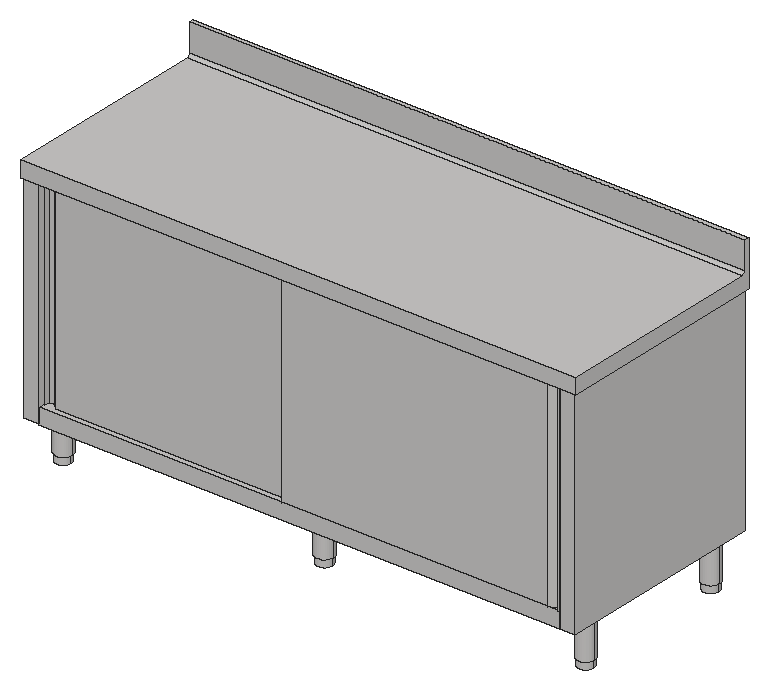
Revit family "QF_ELECTROLUXPROFESSIONAL_132780_MTN1810PN", category Attrezzature speciali, Revit 2020
Family settings
  Quota connettore circolare = Usa diametro
  Tipo di parte = Normale
  Basato su piano di lavoro = No
  Sempre verticale = Sì
  Taglio con vuoti quando caricato = No
  Condiviso = No
  Punto di calcolo locali = No
Parameters (values of type "Standard")
  Weight = 70.00 kg
  Watts = 0 W
  Volts = 0 V
  URL Manufacturer = "https://www.electroluxprofessional.com/"
  URL = "https://www.electroluxprofessional.com/"
  Steam Supply Size = 0 mm
  Steam Supply Minimum Pressure = 0.0 Pa
  Steam Supply Maximum Pressure = 0.0 Pa
  Steam Consumption per Hour = 0
  Refrigeration Suction Line Size = 0.0 mm
  Refrigeration Liquid Line Size = 0.0 mm
  Refrigerant Compressor Remote = yes
  Prospetto di default = 0.0 mm
  Produttore = "Electrolux Professional"
  Phase = 0
  Modello = "MTN1810PN"
  Length Actual = 1800.0 mm  # constant formula
  Item Number = "132780"
  Hot Water Size = 0 mm
  Height Actual = 1000.0 mm  # constant formula
  HP = "0 HP"
  Gas Size = 0 mm
  Gas KW = 0
  Gas Input Pressure = 0 W
  Direct Waste Size = 0 mm
  Descrizione = "WORKTOP CUPB+UPST+SHELF+SLIDING D.1800MM"
  Depth Actual = 700.0 mm  # constant formula
  Cycle = 0 Hz
  Condensate Return Size = 0 mm
  Compressed Air Volume = 0.0 L/s
  Compressed Air Size = 0 mm
  Compressed Air Pressure = 0.0 Pa
  Cold Water Size = 0 mm
  Accessory = yes
Reference planes
  plane 1 "Center (Front/Back)": y = 0
  plane 2: z = 0
  plane 3 "Center (Left/Right)": x = -400
  plane 4 "LEFT": x = -1300
  plane 5 "RIGHT": x = 500
  plane 6 "BACK": y = 350
  plane 7 "FRONT": y = -350
  plane 8 "Base": z = 850
  plane 9 "TOP": z = 900
  plane 10: x = -1246.9
  plane 11: x = 446.9
  plane 12: y = 264.5
  plane 13: y = -241.9
  plane 14 "BodyLeft": x = -1294.5
  plane 15 "BodyFront": y = -344.5
  plane 16 "BodyRight": x = 494.5
  plane 17 "BodyBack": y = 344.5
  plane 18 "FEET": z = 150
  plane 19: x = -344.5
  plane 20: x = -455.5
Forms (mm)
  Extrusion 1, solid, material "QF_Finishes_Stainless Steel"
    sketch origin (-400, 0, 0) x (0, 1, 0) y (0, 0, 1)
      loop
        line (-350, 850) -> (350, 850) -> (350, 1000) -> (337, 1000) -> (337, 910)
        arc (337, 910) -> (334.071, 902.929) -> (327, 900) r 10
        line (327, 900) -> (-350, 900) -> (-350, 850)
    from 900 to -900
  Extrusion 2, solid, material "QF_Finishes_Stainless Steel"
    sketch origin (0, 0, 150) x (-1, 0, 0) y (0, -1, 0)
      loop
        line (1294.5, -344.5) -> (1294.5, 344.5) -> (1244.5, 344.5) -> (1244.5, -344.5) -> (1294.5, -344.5)
      loop
        line (-444.5, -344.5) -> (-444.5, 344.5) -> (-494.5, 344.5) -> (-494.5, -344.5) -> (-444.5, -344.5)
    from 0 to 700
  Extrusion 3, solid, material "QF_Finishes_Stainless Steel"
    sketch origin (0, 0, 150) x (-1, 0, 0) y (0, -1, 0)
      loop
        line (1243.585, -344.5) -> (1243.585, 344.5) -> (-444.5, 344.5) -> (-444.5, -344.5) -> (1243.585, -344.5)
    from 0 to 50
  Extrusion 4, solid, material "QF_Finishes_Stainless Steel"
    sketch origin (0, 0, 150) x (-1, 0, 0) y (0, -1, 0)
      loop
        line (1243.585, -344.5) -> (1243.585, -294.5) -> (-444.5, -294.5) -> (-444.5, -344.5) -> (1243.585, -344.5)
    from 50 to 700
  Extrusion 5, solid, material "QF_Finishes_Stainless Steel"
    sketch origin (0, 0, 150) x (-1, 0, 0) y (0, -1, 0)
      loop
        line (-444.5, 344.5) -> (-444.5, 324.5) -> (455.5, 324.5) -> (455.5, 344.5) -> (-404.5, 344.5) -> (-424.5, 329.5) -> (-439.5, 329.5) -> (-439.5, 344.5) -> (-444.5, 344.5)
    from 50 to 700
  Extrusion 6, solid, material "QF_Finishes_Stainless Steel"
    sketch origin (0, 20, 150) x (1, 0, 0) y (0, 1, 0)
      loop
        line (-1244.5, -344.5) -> (-1239.5, -344.5) -> (-1239.5, -329.5) -> (-1224.5, -329.5) -> (-1204.5, -344.5) -> (-344.5, -344.5) -> (-344.5, -324.5) -> (-1244.5, -324.5) -> (-1244.5, -344.5)
    from 50 to 700
Lines and regions (mm)
  symbolic lines
    curve 1: line (500, 350, 900) -> (-1300, 350, 900)
    curve 2: line (-1300, 350, 900) -> (-1300, -350, 900)
    curve 3: line (-1300, -350, 900) -> (500, -350, 900)
    curve 4: line (500, -350, 900) -> (500, 350, 900)
    curve 5: line (-1300, 337, 900) -> (500, 337, 900)
  symbolic lines, style "SpecialityEquipmentHiddenLines"
    curve 6: line (-1294.5, -344.5, 150) -> (-1294.5, 344.5, 150)
    curve 7: line (-1294.5, 344.5, 150) -> (494.5, 344.5, 150)
    curve 8: line (494.5, 344.5, 150) -> (494.5, -344.5, 150)
    curve 9: line (494.5, -344.5, 150) -> (-1294.5, -344.5, 150)
    curve 10: line (-1244.5, -304.5, 150) -> (-344.5, -304.5, 150)
    curve 11: line (-344.5, -304.5, 150) -> (-344.5, -324.5, 150)
    curve 12: line (444.5, -324.5, 150) -> (-1244.5, -324.5, 150)
    curve 13: line (-1244.5, -324.5, 150) -> (-1244.5, -304.5, 150)
    curve 14: line (-455.5, -344.5, 150) -> (-455.5, -324.5, 150)
Dimensions and locks
  plane 4 "LEFT" to plane 5 "RIGHT" = 1800.0 mm
  equal spacing: plane 4 "LEFT", plane 3 "Center (Left/Right)", plane 5 "RIGHT"
  locked: plane 8 "Base" to level at 850
  locked: Extrusion 1 to level at 1000
  plane 9 "TOP" to level = 900.0 mm
  plane 6 "BACK" to plane 7 "FRONT" = 700.0 mm
  equal spacing: plane 6 "BACK", plane 1 "Center (Front/Back)", plane 7 "FRONT"
  locked: plane 4 "LEFT" to plane 14 "BodyLeft" at 5.5
  locked: plane 16 "BodyRight" to plane 5 "RIGHT" at 5.5
  locked: plane 15 "BodyFront" to plane 7 "FRONT" at 5.5
  locked: plane 6 "BACK" to plane 17 "BodyBack" at 5.5
  locked: plane 14 "BodyLeft" to plane 10 at 47.6
  locked: plane 11 to plane 16 "BodyRight" at 47.6
  locked: plane 13 to plane 15 "BodyFront" at 102.6
  locked: plane 17 "BodyBack" to plane 12 at 80
  plane 10 to plane 11 = 1693.8 mm
  plane 12 to plane 13 = 506.4 mm
  locked: plane 14 "BodyLeft" to Extrusion 2 sketch curve at 50
  locked: Extrusion 2 sketch curve to Extrusion 2 sketch curve at 50
  Extrusion 3 to Extrusion 4 sketch curve = 50.0 mm
  Extrusion 2 to plane 19 = 900.0 mm
  plane 20 to Extrusion 2 = 900.0 mm
  locked: plane 18 "FEET" to level at 150
  aligned and locked: level to plane 2
  aligned and locked: plane 10 to nested 1
  aligned and locked: nested 1 to plane 13
  aligned and locked: plane 11 to nested 2
  aligned and locked: nested 2 to plane 13
  aligned and locked: plane 11 to nested 4
  aligned and locked: nested 4 to plane 12
  aligned and locked: plane 10 to nested 3
  aligned and locked: nested 3 to plane 12
  aligned and locked: Extrusion 1 to plane 4 "LEFT"
  aligned and locked: plane 5 "RIGHT" to Extrusion 1
  aligned and locked: curve 2 to plane 4 "LEFT"
  aligned and locked: plane 17 "BodyBack" to Extrusion 2 sketch curve
  aligned and locked: Extrusion 2 sketch curve to plane 15 "BodyFront"
  aligned and locked: Extrusion 2 sketch curve to plane 14 "BodyLeft"
  aligned and locked: plane 16 "BodyRight" to Extrusion 2 sketch curve
  aligned and locked: Extrusion 2 sketch curve to plane 17 "BodyBack"
  aligned and locked: plane 15 "BodyFront" to Extrusion 2 sketch curve
  aligned and locked: Extrusion 3 sketch curve to plane 17 "BodyBack"
  aligned and locked: plane 15 "BodyFront" to Extrusion 3 sketch curve
  aligned and locked: plane 8 "Base" to Extrusion 2
  aligned and locked: plane 8 "Base" to Extrusion 5
  aligned and locked: Extrusion 5 to Extrusion 3
  aligned and locked: Extrusion 6 sketch curve to plane 19
  aligned and locked: Extrusion 5 sketch curve to plane 20
  aligned and locked: curve 7 to plane 17 "BodyBack"
  aligned and locked: Extrusion 2 to plane 14 "BodyLeft"
  aligned and locked: plane 16 "BodyRight" to curve 8
  aligned and locked: plane 15 "BodyFront" to curve 9
  aligned and locked: plane 3 "Center (Left/Right)" to nested 5
  aligned and locked: plane 3 "Center (Left/Right)" to nested 6
Automatic sketch dimensions
  curve 3 to plane 7 "FRONT" = 0.0 mm
  curve 5 to plane 5 "RIGHT" = 0.0 mm
  curve 4 to plane 6 "BACK" = 0.0 mm
  curve 5 to plane 17 "BodyBack" = 7.5 mm
  Extrusion 1 sketch curve to plane 7 "FRONT" = 0.0 mm
  Extrusion 1 sketch curve to plane 9 "TOP" = 0.0 mm
  Extrusion 1 sketch curve to plane 6 "BACK" = 0.0 mm
  Extrusion 1 sketch curve to plane 8 "Base" = 0.0 mm
  Extrusion 1 sketch curve to plane 17 "BodyBack" = 17.5 mm
  Extrusion 1 sketch curve to plane 17 "BodyBack" = 7.5 mm
  Extrusion 1 sketch curve to Extrusion 1 sketch curve = 90.0 mm
  Extrusion 5 sketch curve to plane 15 "BodyFront" = 0.0 mm  (x2)
  Extrusion 5 sketch curve to plane 11 = 2.4 mm
  Extrusion 5 sketch curve to Extrusion 5 sketch curve = 5.0 mm
  Extrusion 5 sketch curve to Extrusion 5 sketch curve = 15.0 mm
  Extrusion 5 sketch curve to Extrusion 5 sketch curve = 20.0 mm
  plane 15 "BodyFront" to Extrusion 5 sketch curve = 15.0 mm
  plane 15 "BodyFront" to Extrusion 5 sketch curve = 20.0 mm
  Extrusion 6 sketch curve to plane 15 "BodyFront" = 20.0 mm  (x2)
  Extrusion 6 sketch curve to plane 10 = 2.4 mm
  Extrusion 6 sketch curve to Extrusion 6 sketch curve = 5.0 mm
  Extrusion 6 sketch curve to Extrusion 6 sketch curve = 15.0 mm
  Extrusion 6 sketch curve to Extrusion 6 sketch curve = 20.0 mm  (x2)
  Extrusion 6 sketch curve to plane 15 "BodyFront" = 35.0 mm
  Extrusion 3 sketch curve to plane 11 = 2.4 mm
  plane 10 to Extrusion 3 sketch curve = 3.315 mm
  Extrusion 4 sketch curve to plane 11 = 2.4 mm
  plane 10 to Extrusion 4 sketch curve = 3.315 mm
  curve 10 to plane 19 = 0.0 mm
  curve 14 to plane 20 = 0.0 mm
  curve 7 to plane 14 "BodyLeft" = 0.0 mm
  plane 10 to curve 13 = 2.4 mm
  curve 10 to curve 13 = 20.0 mm
  curve 12 to plane 11 = 2.4 mm
  plane 15 "BodyFront" to curve 14 = 20.0 mm
Nested families
  nested 1: "FEET_D58-150" at (-1246.9, -241.9, 0), type "FEET_D58-150"
  nested 2: "FEET_D58-150" at (446.9, -241.9, 0), type "FEET_D58-150"
  nested 3: "FEET_D58-150" at (-1246.9, 264.5, 0), type "FEET_D58-150"
  nested 4: "FEET_D58-150" at (446.9, 264.5, 0), type "FEET_D58-150"
  nested 5: "FEET_D58-150" at (-400, -241.9, 0), type "FEET_D58-150"
  nested 6: "FEET_D58-150" at (-400, 264.5, 0), type "FEET_D58-150"
Definition of nested family "FEET_D58-150"
  Parameters
    Default Elevation = 0.0 mm
    FEET = 150.0 mm
  Reference planes
    plane 1 "Center (Front/Back)": y = 0
    plane 2: z = 0
    plane 3 "Center (Left/Right)": x = 0
    plane 4: z = 150
  Forms (mm)
    Extrusion 1, solid
      sketch origin (0, 0, 0) x (1, 0, 0) y (0, 1, 0)
        loop
          circle (0, 0) r 25
      from 0 to 25
    Extrusion 2, solid
      sketch origin (0, 0, 0) x (1, 0, 0) y (0, 1, 0)
        loop
          circle (0.061, 0) r 29
      from 25 to 150 <- "FEET"
  Lines and regions (mm)
    symbolic lines
      curve 1: line (0, -1.503, 0) -> (0, 1.508, 0)
      curve 2: line (1.561, 0, 0) -> (-1.439, 0, 0)
  Dimensions and locks
    "FEET": plane 4 to plane 2
    aligned and locked: level to plane 2
  Automatic sketch dimensions
    plane 1 "Center (Front/Back)" to Extrusion 1 sketch curve = 0.0 mm
    Extrusion 1 sketch curve to plane 3 "Center (Left/Right)" = 0.0 mm
    plane 1 "Center (Front/Back)" to curve 2 = 0.0 mm
    curve 1 to plane 3 "Center (Left/Right)" = 0.0 mm
    curve 2 to plane 3 "Center (Left/Right)" = 1.439 mm
    plane 3 "Center (Left/Right)" to curve 2 = 1.561 mm
    plane 1 "Center (Front/Back)" to curve 1 = 1.503 mm
    curve 1 to plane 1 "Center (Front/Back)" = 1.508 mm
    plane 1 "Center (Front/Back)" to Extrusion 2 sketch curve = 0.0 mm
    plane 3 "Center (Left/Right)" to Extrusion 2 sketch curve = 0.061 mm
    radius of Extrusion 1 sketch curve = 25.0 mm
    radius of Extrusion 2 sketch curve = 29.0 mm
